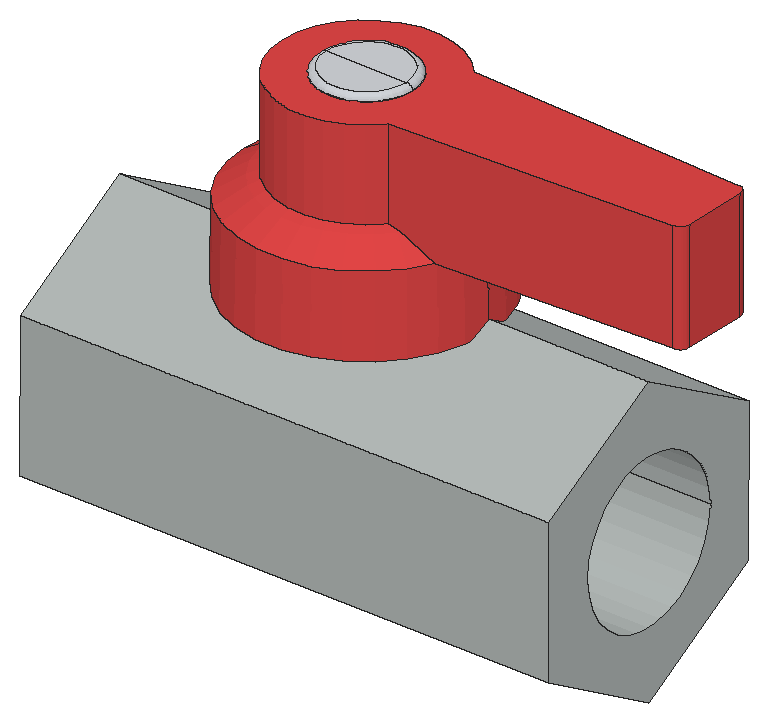
Revit family "QL10030000", category Apparecchi idraulici, Revit 2020
Family settings
  Quota connettore circolare = Usa diametro
  Tipo di parte = Normale
  Numero OmniClass = 23.45.00.00
  Titolo OmniClass = Sanitary, Laundry, and Cleaning Equipment
  Basato su piano di lavoro = No
  Sempre verticale = Sì
  Taglio con vuoti quando caricato = No
  Condiviso = No
  Punto di calcolo locali = No
Parameters
  URL = "https://web.cimberio.com/index.php/figura/961?subcategoria_id=47"
  Temperatura di esercizio = "-20 ÷ 95°C"
  Prospetto di default = 0 mm
  Produttore = "CIMBERIO SPA"
  Pressione nominale = "PN 150"
  Modello = "Cim 011RS34"
  Materiale = "Prodotto in lega di ottone conforme alla norma EN 12165-CW617N-DW"
  Descrizione = "Realizzato in ottemperanza ai requisiti gestionali della norma EN ISO 9001.\r\nUtilizzato per la regolazione della temperatura degli ambienti e comandare apparecchi degli impianti di riscaldamento e condizionamento."
  DN Model [instance] = QL10031015 : QL10031015
  DN [instance] = 15 mm
  Commenti sul tipo = "Utilizzato nei più svariati settori dell'impiantistica: impianti di riscaldamento, condizionamento, idrici, igienico-sanitari, aria compressa e in generale con ogni fluido non corrosivo"
Reference planes
  plane 1 "Centro (Fronte/Retro)": y = 0
  plane 2: z = 0
  plane 3 "Centro (Sinistra/Destra)": x = 0
Dimensions and locks
  aligned and locked: level to plane 2
Nested families
  nested 1: "QL10031015" at (0, 0, 0), type <- "DN Model", type "QL10031015"
  nested 2: "QL10031015" at (0, 0, 0), type <- "DN Model", type "QL10031015"
  nested 3: "QL10031015" at (0, 0, 0), type <- "DN Model", type "QL10031015"
Connectors
  piping at (25.75, 0, 14), diameter 15, driven by "DN"
    settings: on nested 1, index 1, connector inside diameter 609.6 mm, connector length 0 mm, flow factor 0, pipe flow 0.0 L/s, pressure drop 0.0 Pa, fitting loss kfactor 0, connector angle 0.00°, fixture units 0, engagement length 0 mm, angle of deflection 0.00°, flow configuration 0, flow direction 0, fitting loss method 0, system type 7, joint type 0, gender type 0, connector reference index -1, connector utility 0, adjustable connector no, is connector primary yes, connector description ""
  piping at (-25.75, 0, 14), diameter 15, driven by "DN"
    settings: on nested 1, index 2, connector inside diameter 609.6 mm, connector length 0 mm, flow factor 0, pipe flow 0.0 L/s, pressure drop 0.0 Pa, fitting loss kfactor 0, connector angle 0.00°, fixture units 0, engagement length 0 mm, angle of deflection 0.00°, flow configuration 0, flow direction 0, fitting loss method 0, system type 7, joint type 0, gender type 0, connector reference index -1, connector utility 0, adjustable connector no, is connector primary no, connector description ""
Definition of nested family "QL10031015"
  Parameters (values of type "QL10031015")
    URL = "https://web.cimberio.com/index.php/figura/1418?subcategoria_id="
    Temperatura di esercizio = "-10 ÷ 110°C"
    Default Elevation = 0 mm
    Manufacturer = "CIMBERIO SPA"
    Pressione nominale = "PN 10"
    Model = "Cim 150VIC"
    Materiale = "Prodotto in lega di ottone conforme alla norma EN 12165-CW617N-DW"
    Description = "Utilizzato nei più svariati settori dell'impiantistica: impianti di riscaldamento, condizionamento, idrici, igienico-sanitari e in generale con ogni fluido non corrosivo"
    DN Model [instance] = HG00081015 : HG00081015
    DN [instance] = 15 mm
    Type Comments = "Realizzato in ottemperanza ai requisiti gestionali della norma EN ISO 9001.\r\nCollaudato al 100% secondo la normativa EN 12266-1"
  Reference planes
    plane 1 "Centro (Fronte/Retro)": y = 0
    plane 2: z = 0
    plane 3 "Centro (Sinistra/Destra)": x = 0
  Forms (mm)
    Extrusion 1, solid
      sketch origin (0, 0, 14) x (0, 1, 0) y (0, 0, 1)
        loop
          line (0, 14) -> (-12.124, 7) -> (-12.124, -7) -> (0, -14) -> (12.124, -7) -> (12.124, 7) -> (0, 14)
        loop
          circle (0, 0) r 7.5
      from -25.75 to 25.75
    Revolve 2, solid
      sketch origin (0, 0, 0) x (1, 0, 0) y (0, 0, 1)
        loop
          line (-1.75, 26.797) -> (-1.75, 38.235)
          arc (-1.75, 38.235) -> (-7.968, 37.443) -> (-13.555, 34.603) r 18.326
          line (-13.555, 34.603) -> (-13.691, 26.797) -> (-1.75, 26.797)
        axis (-1.75, 26.797) -> (-1.75, 38.235)
      angle from 0 to 360
    Revolve 3, solid
      sketch origin (0, 0, -3.286) x (1, 0, 0) y (0, 0, 1)
        loop
          line (-6.25, 48.586) -> (-6.25, 47.06) -> (-1.75, 47.06) -> (-1.75, 49.1) -> (-5.644, 49.1)
          arc (-5.644, 49.1) -> (-6.041, 48.954) -> (-6.25, 48.586) r 0.614
        axis (-1.75, 49.1) -> (-1.75, 47.06)
      angle from 0 to 360
    Extrusion 4, solid
      sketch origin (0, 0, 0) x (1, 0, 0) y (0, 1, 0)
        loop
          arc (4.52, 5.211) -> (-9.903, 0) -> (4.52, -5.211) r 8.153
          line (4.52, -5.211) -> (31.293, -3.993)
          arc (31.293, -3.993) -> (31.937, -3.7) -> (32.2, -3.043) r 0.952
          line (32.2, -3.043) -> (32.2, 3.043)
          arc (32.2, 3.043) -> (31.937, 3.7) -> (31.293, 3.993) r 0.952
          line (31.293, 3.993) -> (4.52, 5.211)
      from 34.603 to 45.3
  Dimensions and locks
    aligned and locked: level to plane 2
